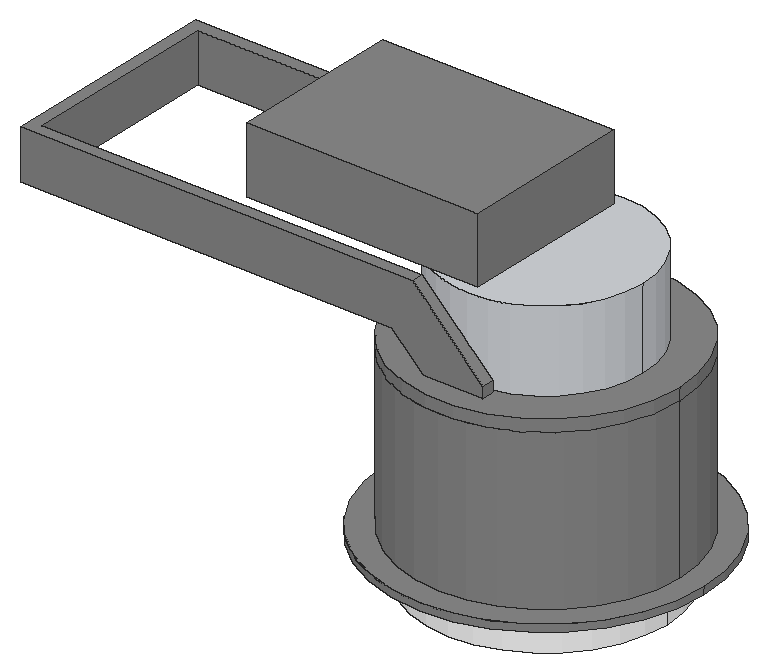
Revit family "Punkt120_LED", category Lighting Fixtures, host Ceiling, Revit 2014
Parameters
  Wattage = 16.1571 W
  built-in parameter 1150110 = 1 (stored number, unit not read)
  built-in parameter 1114217 = 1 (stored number, unit not read)
  Tilt Angle = 90.00°
  built-in parameter 1150109 = 1 (stored number, unit not read)
  built-in parameter 1150134 = (empty or 0)
  built-in parameter 1150113 = 1 (stored number, unit not read)
  built-in parameter 1010507 = 1.5708 (stored number, unit not read)
  built-in parameter 1010506 = 0.5236 (stored number, unit not read)
  Metal Frame = FocusLightning_Metal Frame
  Lumens = 2400 lm
  built-in parameter 1150115 = 1 (stored number, unit not read)
  built-in parameter 1150105 = 8024.6 (stored number, unit not read)
  built-in parameter 1150131 = 3048.00 mm
  built-in parameter 1150137 = (empty or 0)
  built-in parameter 1150139 = (empty or 0)
  built-in parameter 1150112 = 1 (stored number, unit not read)
  built-in parameter 1150114 = 1 (stored number, unit not read)
  built-in parameter 1150132 = 2
  built-in parameter 1150102 = (empty or 0)
  built-in parameter 1150138 = (empty or 0)
  built-in parameter 1150107 = 3000 (stored number, unit not read)
  built-in parameter 1150106 = 80.246 (stored number, unit not read)
  Glass = FocusLightning_Glass
  built-in parameter 1150104 = 13.8 (stored number, unit not read)
  Dimming Lamp Color Temperature Shift = (empty or 0)
  Color Filter = 16777215
  built-in parameter 1114218 = 1 (stored number, unit not read)
  Light Source Symbol Length = 3048.00 mm
Reference planes
  plane 1 "Light Source Axis (F/B)": y = 0
  plane 2 "Ceiling": z = 2438.4
  plane 3 "Light Source Axis (L/R)": x = 0
  plane 4 "Light Source Elevation": z = 2438.4
Forms (mm)
  Extrusion 1, solid, material "FocusLightning_Metal Frame" <- "Metal Frame"
    sketch origin (0, 0, 2438.4) x (1, 0, 0) y (0, 1, 0)
      loop
        circle (0, 0) r 65
      loop
        circle (0, 0) r 55
    from 0 to -3
  Extrusion 2, solid, material "FocusLightning_Metal Frame" <- "Metal Frame"
    sketch origin (0, 0, 2438.4) x (1, 0, 0) y (0, 1, 0)
      loop
        circle (0, 0) r 55
      loop
        circle (0, 0) r 50
    from -1 to 65
  Extrusion 3, solid, material "FocusLightning_Glass" <- "Glass"
    sketch origin (0, 0, 2432.4) x (1, 0, 0) y (0, 1, 0)
      loop
        circle (0, 0) r 50
    from 71 to -13
  Extrusion 4, void
    sketch origin (0, 0, 2438.4) x (1, 0, 0) y (0, 1, 0)
      loop
        circle (0, 0) r 46.99
    from -19 to 65
  Extrusion 5, solid, material "FocusLightning_Metal Frame" <- "Metal Frame"
    sketch origin (0, 0, 2440.343) x (1, 0, 0) y (0, 1, 0)
      loop
        circle (0, 0) r 55
    from 63.057 to 68.057
  Extrusion 6, solid, material "FocusLightning_Metal Frame" <- "Metal Frame"
    sketch origin (0, 0, 2461.4) x (1, 0, 0) y (0, 1, 0)
      loop
        line (0, 35) -> (-95, 35) -> (-95, -35) -> (0, -35) -> (0, 35)
    from 80 to 107
  Extrusion 7, solid
    sketch origin (89.099, -110.151, 2508.4) x (1, 0, 0) y (0, 1, 0)
      loop
        circle (-89.099, 110.151) r 40
    from 0 to 33
  Extrusion 8, solid, material "FocusLightning_Metal Frame" <- "Metal Frame"
    sketch origin (0, -40, 0) x (1, 0, 0) y (0, 0, 1)
      loop
        line (-18.858, 2541.4) -> (-180, 2541.4) -> (-180, 2521.4) -> (-27.142, 2521.4) -> (-10, 2504.258) -> (-10, 2503.4) -> (10, 2503.4) -> (10, 2512.542) -> (-18.858, 2541.4)
    from 0 to 5
  Extrusion 9, solid, material "FocusLightning_Metal Frame" <- "Metal Frame"
    sketch origin (0, 40, 0) x (1, 0, 0) y (0, 0, -1)
      loop
        line (-18.858, -2541.4) -> (10, -2512.542) -> (10, -2503.4) -> (-10, -2503.4) -> (-10, -2504.258) -> (-27.142, -2521.4) -> (-180, -2521.4) -> (-180, -2541.4) -> (-18.858, -2541.4)
    from 0 to 5
  Extrusion 10, solid, material "FocusLightning_Metal Frame" <- "Metal Frame"
    sketch origin (0, 40, 0) x (-1, 0, 0) y (0, 0, -1)
      loop
        line (180, -2541.4) -> (180, -2521.4) -> (175, -2521.4) -> (175, -2541.4) -> (180, -2541.4)
    from 0 to 80
Cuts and joins
  Extrusion 4 cuts Extrusion 3
  Extrusion 4 cuts Extrusion 5
  joined: Extrusion 2, Extrusion 5
  joined: Extrusion 8, Extrusion 9, Extrusion 10
Dimensions and locks
  equal spacing: host sketch curve, plane 3 "Light Source Axis (L/R)", host sketch curve
  equal spacing: host sketch curve, plane 1 "Light Source Axis (F/B)", host sketch curve
  host sketch curve to host sketch curve = 3048.00 mm  (x2)
  aligned and locked: imposter light to plane 3 "Light Source Axis (L/R)"
  aligned and locked: plane 1 "Light Source Axis (F/B)" to imposter light
  aligned and locked: plane 4 "Light Source Elevation" to imposter light
  aligned and locked: Extrusion 3 to Extrusion 4
  aligned and locked: Extrusion 5 to Extrusion 2
  aligned and locked: Extrusion 2 to Extrusion 4
  aligned and locked: Extrusion 2 to Extrusion 3
  aligned and locked: Extrusion 7 to cut or joined group of Extrusion 2, Extrusion 4, Extrusion 5
  aligned and locked: Extrusion 7 to Extrusion 6
